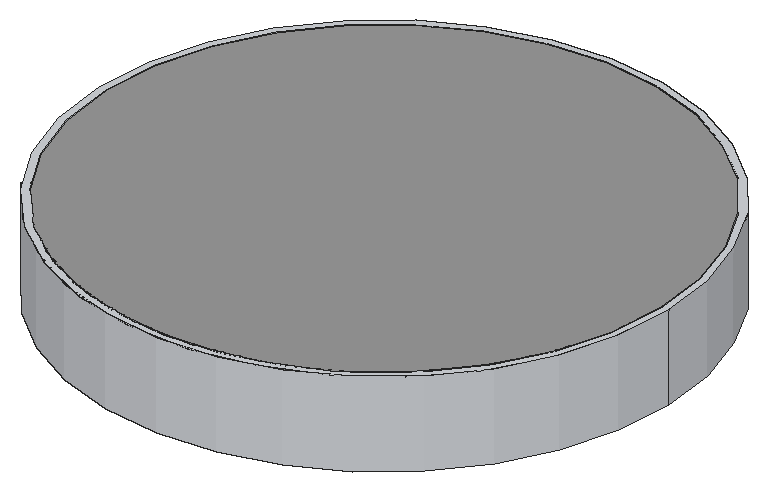
Revit family "2071127", category Lighting Fixtures, host Face, Revit 2018
Family settings
  Host = Face
  Round Connector Dimension = Use Diameter
  Part Type = Normal
  OmniClass Number = 23.80.70.00
  OmniClass Title = Lighting
  Cut with Voids When Loaded = No
  Light Source = Yes
  Shared = No
  Room Calculation Point = No
Parameters (values of type "2071127 COLOSSAL 400 940 PR DIR WHT EM")
  iner diameter = 390 mm
  Weight = "n/a"
  Wattage Comments = ""
  Wattage = 30 W
  WarrantyStartDate [instance] = "n/a"
  WarrantyGuarantorParts = "n/a"
  WarrantyDurationUnit = "n/a"
  WarrantyDurationParts = ""
  WarrantyDescription = "http://www.sylvania-lighting.com"
  built-in parameter 1150110 = 1 (stored number, unit not read)
  Voltage = 230 V
  URL = "0.93"
  TypeName = "COLOSSAL 400mm 940 PRISM DIR WHITE EM"
  Type Image = <None>
  Type Comments = "n/a"
  built-in parameter 1114217 = 1 (stored number, unit not read)
  Tilt Angle = -90.00°
  built-in parameter 1150109 = 1 (stored number, unit not read)
  built-in parameter 1150134 = (empty or 0)
  built-in parameter 1150113 = 1 (stored number, unit not read)
  SerialNumber [instance] = "n/a"
  Photometric Web File = "2071127.ies"
  Material_3_SYL = LED-Sylvania
  PowerFactor = 0
  PowerConsumption = "Lighting"
  NominalLength = 400 mm
  NominalHeight = 93 mm
  NominalDepth = 400 mm
  Name = "COLOSSAL 400mm 940 PRISM DIR WHITE EM"
  ModelReference = Name  # "COLOSSAL 400mm 940 PRISM DIR WHITE EM"
  ModelNumber = "2071127"
  Model = Name  # "COLOSSAL 400mm 940 PRISM DIR WHITE EM"
  Material = "Feilo Sylvania"
  ManufacturerName = "101 lm/W"
  Manufacturer = ""
  LuminousEfficacy = ""
  built-in parameter 1150105 = 270.44 (stored number, unit not read)
  Lumens = 3398.4 lm
  LuminaireType = "0"
  built-in parameter 1150115 = 1 (stored number, unit not read)
  LightOutputRatio = "LED"
  built-in parameter 1150137 = (empty or 0)
  built-in parameter 1150139 = (empty or 0)
  LampsType = Lamp  # "n/a"
  LampNominalLuminous = "4000 K"
  LampMacAdamStep = "90"
  LampColourTemperature = "LED"
  LampColourRenderingIndex = "16500"
  built-in parameter 1150112 = 1 (stored number, unit not read)
  built-in parameter 1150114 = 1 (stored number, unit not read)
  Lamp = "n/a"
  Keynote = "n/a"
  InstallationDate [instance] = "n/a"
  InputVoltage = "0"
  InputNominalFrequency = "4000"
  built-in parameter 1150132 = (empty or 0)
  built-in parameter 1150102 = (empty or 0)
  built-in parameter 1150107 = 3000 (stored number, unit not read)
  built-in parameter 1150138 = (empty or 0)
  IngressProtection = "IfcLightFixtureType"
  ImpactProtectionIndex = "IfcLightFixtureType"
  built-in parameter 1150106 = 2.7044 (stored number, unit not read)
  IfcExportType = "IfcLightFixtureType"
  IfcExportAs = "Class I"
  Emit from Circle Diameter = 385 mm
  Emit Shape Visible in Rendering = no
  ElectricShockClassification = "101"
  built-in parameter 1150104 = 10.524 (stored number, unit not read)
  DocumentationLiterature = "http://www.sylvania-lighting.com/product/en-int/products/2071127"
  DimmingControlOptions = "n/a"
  Material_2_SYL = Polycarbonate_Sylvania_White
  Dimming Lamp Color Temperature Shift = <None>
  Description = "400mm diameter circular architectural luminaire, can be surface mounted or suspended. Powder coated aluminium housing (RAL9016) with PMMA prismatic diffuser. Direct light distribution, 1650lm luminuous flux, 16.4W system power, 101lm/W luminiaire efficacy. Constant current driver. 3 hours integrated emergency. Colour rendering index Ra >90, 4000K Neutral White LED, chromaticity tolerance of 3-step MacAdam ellipse. IP40, IK03. 350mA drive current. UGR≤19. Electrical protection Class1, 220-240V. Reported lifetime 66k hours L90B10."
  Default Elevation = 1219.2 mm
  CreatedOn = "22/03/2022"
  CreatedBy = "@sylvania-lighting.com"
  Cost = 0
  Color Filter = 16777215
  built-in parameter 1114216 [instance] = (empty or 0)
  ClassificationValue = "EF_70_80"
  ClassificationName = "Uniclass2015"
  Material_1_SYL = Polycarbonate_Sylvania_Opal
  BarCode [instance] = "n/a"
  built-in parameter 1114218 = 1 (stored number, unit not read)
  built-in parameter 1150133 = 10 (stored number, unit not read)
  AssetType = "Fixed"
  AssetIdentifier [instance] = "n/a"
  Assembly Code = "D5020200"
  Apparent Load = 16.4 VA
  Material_4_SYL = none
Reference planes
  plane 1 "Center (Front/Back)": y = 0
  plane 2: z = 0
  plane 3 "Center (Left/Right)": x = 0
  plane 4: x = -200
  plane 5: x = 200
  plane 6: y = 200
  plane 7: y = -200
  plane 8: y = 236
  plane 9: y = -236
  plane 10: z = 93
  plane 11: y = 195
  plane 12: y = -195
  plane 13: y = 90.5
  plane 14: y = 144.5
  plane 15: through (52.25, 90.5, 1219.2) normal (0.866, 0.5, 0)
  plane 16: through (52.25, 90.5, 1219.2) normal (0.866, 0.5, 0)
  plane 17: through (63.706, 126.657, 1219.2) normal (0.866, 0.5, 0)
  plane 18: through (-104.5, 0, 1219.2) normal (-0.866, 0.5, 0)
  plane 19: through (-142.394, -9.633, 1219.2) normal (-0.866, 0.5, 0)
  plane 20: y = -90.5
  plane 21: y = -118.5
  plane 22: through (85.371, -141.133, 1219.2) normal (-0.866, 0.5, 0)
  plane 23: through (52.25, -90.5, 1219.2) normal (-0.866, 0.5, 0)
  plane 24: through (-161.658, 0, 1219.2) normal (0.866, 0.5, 0)
  plane 25: through (-172.12, 9.121, 1219.2) normal (0.866, 0.5, 0)
  plane 26: through (-104.5, 0, 1219.2) normal (0.866, 0.5, 0)
Forms (mm)
  Extrusion 1, solid, detail levels medium+fine
    sketch origin (0, 0, 0) x (1, 0, 0) y (0, 1, 0)
      loop
        circle (0, 0) r 200
    from 33.023 to 93
  Extrusion 2, void
    sketch origin (0, 0, 0) x (1, 0, 0) y (0, 1, 0)
      loop
        circle (0, 0) r 195
    from 93 to 37.292
  Extrusion 3, solid, material "Glass, White, High Luminance", detail levels fine
    sketch origin (0, 0, 0) x (1, 0, 0) y (0, 1, 0)
      loop
        circle (0, 0) r 195
    from 88.026 to 93
  Extrusion 4, solid, detail levels coarse
    sketch origin (0, 0, 0) x (1, 0, 0) y (0, 1, 0)
      loop
        line (-200, 200) -> (-200, -200) -> (200, -200) -> (200, 200) -> (-200, 200)
    from 0 to 93
  Blend 5, solid, detail levels medium+fine
    base sketch origin (0, 0, 0) x (1, 0, 0) y (0, 1, 0)
      loop
        line (-52.25, 90.5) -> (-104.5, 0) -> (-52.25, -90.5) -> (52.25, -90.5) -> (104.5, 0) -> (52.25, 90.5) -> (-52.25, 90.5)
    top sketch origin (0, 0, 0) x (1, 0, 0) y (0, 1, 0)
      loop
        line (-53.405, 144.5) -> (-149.245, -21.5) -> (-93.242, -118.5) -> (98.438, -118.5) -> (151.843, -26) -> (53.405, 144.5) -> (-53.405, 144.5)
    from 0 to 33.023
Cuts and joins
  Extrusion 2 cuts Extrusion 1
Dimensions and locks
  "NominalDepth": plane 6 to plane 7
  "NominalLength": plane 4 to plane 5
  equal spacing: plane 4, plane 3 "Center (Left/Right)", plane 5
  "iner diameter": plane 11 to plane 12
  equal spacing: plane 11, plane 1 "Center (Front/Back)", plane 12
  equal spacing: plane 6, plane 1 "Center (Front/Back)", plane 7
  "NominalHeight": plane 10 to level
  plane 19 to plane 18 = 28 mm
  radius of Extrusion 2 sketch curve = 195 mm
  aligned and locked: plane 2 to host face
  aligned and locked: level to host face
Automatic sketch dimensions
  host sketch curve to host sketch curve = 2438.4 mm  (x2)
  plane 1 "Center (Front/Back)" to Extrusion 1 sketch curve = 0 mm
  Extrusion 1 sketch curve to plane 3 "Center (Left/Right)" = 0 mm
  plane 1 "Center (Front/Back)" to Extrusion 2 sketch curve = 0 mm
  Extrusion 2 sketch curve to plane 3 "Center (Left/Right)" = 0 mm
  plane 1 "Center (Front/Back)" to Extrusion 3 sketch curve = 0 mm
  Extrusion 3 sketch curve to plane 3 "Center (Left/Right)" = 0 mm
  Extrusion 4 sketch curve to plane 4 = 0 mm
  Extrusion 4 sketch curve to plane 5 = 0 mm
  Extrusion 4 sketch curve to plane 7 = 0 mm
  Extrusion 4 sketch curve to plane 6 = 0 mm
  Blend 5 sketch curve to plane 19 = 0 mm  (x2)
  Blend 5 sketch curve to plane 24 = 0 mm  (x2)
  Blend 5 sketch curve to plane 21 = 0 mm
  Blend 5 sketch curve to plane 14 = 0 mm
  Blend 5 sketch curve to plane 17 = 0 mm  (x2)
  Blend 5 sketch curve to plane 22 = 0 mm  (x2)
  radius of Extrusion 1 sketch curve = 200 mm
  radius of Extrusion 3 sketch curve = 195 mm
Connectors
  electrical at (0, 0, 0), driven by "Apparent Load", driven by "PowerFactor", driven by "Voltage"
    settings: index 1, voltage 230 V, apparent load 16.4 VA, apparent load phase1 0 VA, apparent load phase2 0 VA, apparent load phase3 0 VA, power factor 0, load classification "Lighting", number of poles 1, system type 30, power factor state 1, is connector primary yes, connector utility no, sub classification motor no, connector description ""
